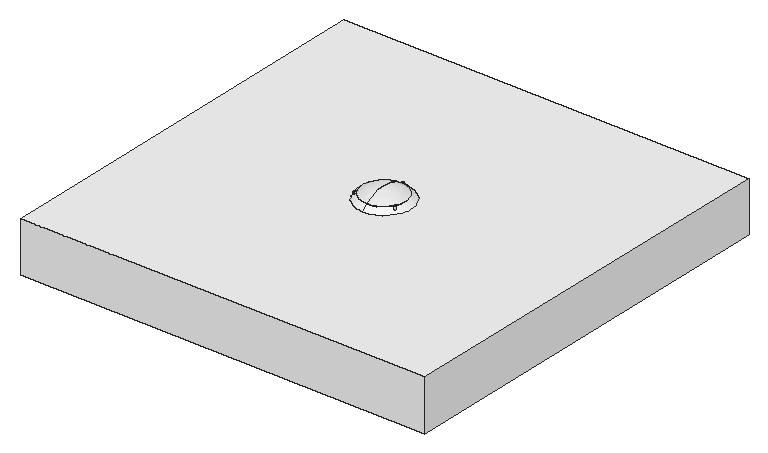
Revit family "Sarlam_Eclairage_Hublot_Chartres_Essentiel_T1_Anti_Vandale_Diam_322mm_1000Lm", category Luminaires, Revit 2020
Family settings
  Hôte = Face
  Cote de connecteur circulaire = Utiliser le diamètre
  Type d'élément = Normal
  Couper avec des vides une fois chargée = Non
  Source d'éclairage = Oui
  Partagée = Non
  Point de calcul de pièce = Non
Parameters (values of type "Détection BLANC")
  Zone plafond formes 1à7 [instance] = and(not(Diamètre externe = 328 mm), or([Antivandale Formes 2-4-7]), not([Afficher la zone de détection-pose murale]), [Afficher la zone de détection-pose plafond])  # no
  Zone murale formes 1à7 [instance] = and(not(Diamètre externe = 328 mm), or([Antivandale Formes 2-4-7]), [Afficher la zone de détection-pose murale], not([Afficher la zone de détection-pose plafond]))  # no
  Zone de détection = "Détection à 2,5m haut Plafond: Ø6m maxi Mur: Ellipse 16*17m"
  URL = "http://www.legrandoc.com/SL532143"
  Type de variation = "Non régulable"
  Type de tension = "CA"
  Tension nominale (Un) V MIN = 207
  Tension nominale (Un) V MAX = 253
  built-in parameter 1150107 = 3200 (stored number, unit not read)
  Température de couleur K MIN = 4000
  Température de couleur K MAX = 4000
  Source lumineuse = "Led non interchangeable"
  Répartition lumineuse = "Symétrique"
  Puissance du système W = 10
  Puissance de la source lumineuse W = ""
  Puissance de la lampe en Multiwatt = "Autre"
  Wattage = 9.2903 W
  built-in parameter 1150110 = 1 (stored number, unit not read)
  built-in parameter 1150109 = 1 (stored number, unit not read)
  built-in parameter 1114218 = 1 (stored number, unit not read)
  built-in parameter 1150113 = 1 (stored number, unit not read)
  built-in parameter 1150112 = 1 (stored number, unit not read)
  built-in parameter 1150137 = (empty or 0)
  built-in parameter 1150132 = (empty or 0)
  Modèle = "SL-532143"
  Longueur d'encastrement = 0 mm
  Longueur = 322 mm
  Largeur d'encastrement = 322 mm
  Largeur = 322 mm
  built-in parameter 1150105 = 109.82 (stored number, unit not read)
  built-in parameter 1150102 = (empty or 0)
  Hauteur/profondeur d'encastrement = 0 mm
  Hauteur/profondeur = 70 mm
  Dimming Lamp Color Temperature Shift = (empty or 0)
  Lumens = 1380 lm
  Color Filter = 16777215
  Fichier de distribution photométrique = "SL532100.ies"
  built-in parameter 1114217 = 1 (stored number, unit not read)
  built-in parameter 1150139 = (empty or 0)
  Fabricant = "LEGRAND"
  Emettre à partir du diamètre du cercle = 200 mm
  Emettre la visibilité des formes dans le rendu = no
  built-in parameter 1150104 = 13.8 (stored number, unit not read)
  built-in parameter 1150106 = 1.0982 (stored number, unit not read)
  built-in parameter 1150115 = 1 (stored number, unit not read)
  built-in parameter 1150114 = 1 (stored number, unit not read)
  Diamètre externe = 322 mm
  Diamètre d'encastrement = 0 mm
  Description = "CHARTRES ESSENTIEL 1000LM 4000K  AV DETECTION HF BLANC"
  built-in parameter 1150138 = (empty or 0)
  built-in parameter 1150134 = 3
  Condition Générale d'Utilisation = "https://export.legrand.com/CGU-objets-BIM"
  Angle de l'inclinaison = 0.00°
  Afficher la zone de détection-pose plafond [instance] = no
  Afficher la zone de détection-pose murale [instance] = no
  Matériau du boîtier/corps = Plastique
  Indice de rendu des couleurs CRI = "80-89"
  Indice de protection contre les chocs (IK) = "IK10"
  Indice de protection (IP) = "IP55"
  Flux lumineux utile lm = 1000
  Elévation par défaut = 2500 mm
  Douille = "Sans"
  Courant nominal mA MIN = 39
  Courant nominal mA MAX = 49
  Couleur du boîtier/corps = LEGRAND - Blanc
  Classe de protection = "II"
  Avec détecteur de mouvement = yes
  Avec détecteur crépusculaire = yes
  Appareillage = "Appareil à LED commandé en courant"
  Antivandale Formes 2-4-7 = yes
  Angle du faisceau = "Faisceau libre"
  Afficher l'étiquette de zone [instance] = no
  Adapté à une suspension = no
  Adapté à un montage encastré = no
  Adapté à un montage en saillie = yes
  Adapté à un montage en applique = yes
  Adapté à un montage au plafond = yes
  built-in parameter 1150133 = 10 (stored number, unit not read)
Types (6, lengths in mm): name | Zone de détection | URL | Puissance du système W | Modèle | Description | Courant nominal mA MIN | Courant nominal mA MAX | Couleur du boîtier/corps | Avec détecteur de mouvement | Avec détecteur crépusculaire
  ON/OFF BLANC | "" | "http://www.legrandoc.com/SL532103" | 9 | "SL-532103" | "CHARTRES ESSENTIEL 1000LM 4000K AV ON/OFF BLANC" | 35 | 44 | LEGRAND - Blanc | no | no
  ON/OFF ANTHRACITE | "" | "http://www.legrandoc.com/SL532104" | 9 | "SL-532104" | "CHARTRES ESSENTIEL 1000LM 4000K AV ON/OFF ANTHRACITE" | 35 | 44 | LEGRAND - Anthracite | no | no
  ON/OFF GRIS METAL | "" | "http://www.legrandoc.com/SL532105" | 9 | "SL-532105" | "CHARTRES ESSENTIEL 1000LM 4000K AV ON/OFF GRIS METAL" | 35 | 44 | LEGRAND - Gris métal | no | no
  Détection BLANC | "Détection à 2,5m haut Plafond: Ø6m maxi Mur: Ellipse 16*17m" | "http://www.legrandoc.com/SL532143" | 10 | "SL-532143" | "CHARTRES ESSENTIEL 1000LM 4000K  AV DETECTION HF BLANC" | 39 | 49 | LEGRAND - Blanc | yes | yes
  Détection ANTHRACITE | "Détection à 2,5m haut Plafond: Ø6m maxi Mur: Ellipse 16*17m" | "http://www.legrandoc.com/SL532144" | 10 | "SL-532144" | "CHARTRES ESSENTIEL 1000LM 4000K  AV DETECTION HF ANTHRACITE" | 39 | 49 | LEGRAND - Anthracite | yes | yes
  Détection GRIS METAL | "Détection à 2,5m haut Plafond: Ø6m maxi Mur: Ellipse 16*17m" | "http://www.legrandoc.com/SL532145" | 10 | "SL-532145" | "CHARTRES ESSENTIEL 1000LM 4000K  AV DETECTION HF GRIS METAL" | 39 | 49 | LEGRAND - Gris métal | yes | yes
Reference planes
  plane 1 "Centre (avant/arrière)": y = 0
  plane 2: z = 0
  plane 3 "Centre (gauche/droite)": x = 0
  plane 4: z = 90
Forms (mm)
  Extrusion 1, solid, material "Blanc"
    sketch origin (0, 0, 0) x (1, 0, 0) y (0, 1, 0)
      loop
        line (-1219.2, 1219.2) -> (-1219.2, -1219.2) -> (1219.2, -1219.2) -> (1219.2, 1219.2) -> (-1219.2, 1219.2)
    from 0 to -304.8
Lines and regions (mm)
  model lines, not visible
    curve 1: line (0, 0, 0) -> (0, 0, 2230)
    curve 2: line (0, 0, 0) -> (0, 3300, 0)
    curve 3: line (0, 0, 0) -> (-2620, 0, 0)
Dimensions and locks
  level to plane 4 = 90 mm
  aligned and locked: plane 2 to Extrusion 1
  aligned and locked: level to Extrusion 1
  aligned and locked: imposter light to plane 4
  aligned and locked: plane 3 "Centre (gauche/droite)" to imposter light
Nested families
  nested 1: "Zone de détection murale Chartres-Astreo" at (0, 0, 0) x (0, 0, 1) z (0, -1, 0), visible <- "Afficher la zone de détection-pose murale", type "Zone de détection murale"
  nested 2: "Formes 1-2-3-4-6-7-8-9" at (0, 0, 0), type "Formes"
    with Fl 70 mm, Dimension hublot 129.3 mm, Diamètre total 322 mm, Courbure 220.2 mm, Antivandale Formes 2-4-7 yes
  nested 3: "Zone de détection plafond Chartres-Astreo" at (0, 0, 2500), visible <- "Afficher la zone de détection-pose plafond", type "Zone de détection plafond"
    with Zone plafond Formes 8à9 no
  nested 4: "Zone de détection murale Chartres-Astreo" at (0, 0, 0) x (0, 0, 1) z (1, 0, 0), visible <- "Afficher la zone de détection-pose murale", type "Zone de détection murale"
  nested 5: "Etiquette de zone" at (-34.648, 217.228, 0) x (-1, 0, 0) z (0, 0, 1), visible <- "Afficher l'étiquette de zone", type "Etiquette de zone"
Connectors
  electrical at (0, 0, 0)
    settings: on nested 2, index 1, voltage 230 V, apparent load 0 VA, apparent load phase1 0 VA, apparent load phase2 0 VA, apparent load phase3 0 VA, power factor 1, load classification "Eclairage", number of poles 1, system type 30, power factor state 1, is connector primary yes, connector utility no, sub classification motor no, connector description ""
Definition of nested family "Formes 1-2-3-4-6-7-8-9"
  Parameters (values of type "Formes")
    Standard Forme 8 = no
    Standard Formes 1-3-6 = no
    Matériau hublot = none
    Matériau corps = none
    Fl = if(Diamètre total < 325 mm, 70 mm, if(Diamètre total = 328 mm, 107 mm, 90 mm))  # 107 mm
    Default Elevation = 0 mm
    Dimension hublot = if(Diamètre total = 300 mm, 121.1 mm, if(Diamètre total = 322 mm, 129.3 mm, if(Diamètre total = 328 mm, 148.6 mm, if(Diamètre total = 420 mm, 179.2 mm, 185.3 mm))))  # 148.6 mm
    Diamètre total = 328 mm
    Courbure = if(Diamètre total = 300 mm, 195.7 mm, if(Diamètre total = 322 mm, 220.2 mm, if(Diamètre total = 328 mm, 179.2 mm, if(Diamètre total = 420 mm, 290 mm, 307.8 mm))))  # 179.2 mm
    Couleur corps = none
    Antivandale Forme 9 = no
    Antivandale Formes 2-4-7 = no
  Reference planes
    plane 1 "Centre (avant/arrière)": y = 0
    plane 2: z = 0
    plane 3 "Centre (gauche/droite)": x = 0
    plane 4: y = 164
    plane 5: y = -164
    plane 6: y = 148.6
  Forms (mm)
    Revolve 1, solid, material <- "Matériau hublot"
      sketch origin (0, 0, 0) x (0, 0, -1) y (0, 1, 0)
        loop
          arc (-28, 148.6) -> (-86.03, 84.151) -> (-107, 0) r 179.2
          line (-107, 0) -> (-28, 0) -> (-28, 148.6)
        axis (-28, 0) -> (-107, 0)
      angle from 0 to 360
  Dimensions and locks
    equal spacing: plane 4, plane 1 "Centre (avant/arrière)", plane 5
    "Diamètre total": plane 4 to plane 5
    equal spacing: plane 5, plane 1 "Centre (avant/arrière)", plane 4
    "Dimension hublot": plane 1 "Centre (avant/arrière)" to plane 6
    "Fl": Revolve 1 sketch curve to plane 2
    "Courbure": radius of Revolve 1 sketch curve
    aligned and locked: level to plane 2
    aligned and locked: plane 6 to Revolve 1 sketch curve
    aligned and locked: plane 2 to nested 2
  Automatic sketch dimensions
    Revolve 1 sketch curve to plane 1 "Centre (avant/arrière)" = 0 mm  (x2)
    level to Revolve 1 sketch curve = 28 mm
    Revolve 1 sketch curve to Revolve 1 sketch curve = 1811.469 mm
    Revolve 1 sketch curve to Revolve 1 sketch curve = 1147.22 mm
  Nested families
    nested 1: "Corps standard Formes 1-3-6" at (0, 0, 0), visible <- "Standard Formes 1-3-6", type "Corps standard Formes 1-3-6"
      with Diamètre 328 mm
    nested 2: "Corps antivandale Formes 2-4-7" at (0, 0, 0), visible <- "Antivandale Formes 2-4-7", type "Corps antivandale Formes 2-4-7"
      with Diamètre 328 mm
    nested 3: "Corps standard Forme 8" at (0, 0, 0), visible <- "Standard Forme 8", type "Corps standard Forme 8"
    nested 4: "Corps antivandale Forme 9" at (0, 0, 0), visible <- "Antivandale Forme 9", type "Corps antivandale Forme 9"
  Definition of nested family "Corps standard Formes 1-3-6"
    Parameters (values of type "Corps standard")
      Matériau corps = none
      Default Elevation = 0 mm
      Couleur corps = none
      Diamètre = 322 mm
      Courbure = if(Diamètre < 400 mm, 195.7 mm, 290 mm)  # 195.7 mm
    Reference planes
      plane 1 "Centre (avant/arrière)": y = 0
      plane 2: z = 0
      plane 3 "Centre (gauche/droite)": x = 0
      plane 4: y = 161
      plane 5: y = -161
      plane 6: z = 28
    Forms (mm)
      Revolve 1, solid, material <- "Couleur corps"
        sketch origin (0, 0, 0) x (0, 0, -1) y (0, 1, 0)
          loop
            line (0, 0) -> (0, 161)
            arc (0, 161) -> (-14.55, 149.906) -> (-28, 137.502) r 195.7
            line (-28, 137.502) -> (-28, 0) -> (0, 0)
          axis (0, 0) -> (-28, 0)
        angle from 0 to 360
    Dimensions and locks
      equal spacing: plane 4, plane 1 "Centre (avant/arrière)", plane 5
      "Diamètre": plane 4 to plane 5
      equal spacing: plane 5, plane 1 "Centre (avant/arrière)", plane 4
      "Courbure": radius of Revolve 1 sketch curve
      aligned and locked: level to plane 2
      aligned and locked: plane 2 to Revolve 1  (x2)
      aligned and locked: Revolve 1 to plane 2
      aligned and locked: plane 6 to Revolve 1
    Automatic sketch dimensions
      Revolve 1 sketch curve to plane 1 "Centre (avant/arrière)" = 0 mm  (x3)
      Revolve 1 sketch curve to plane 6 = 0 mm
      Revolve 1 sketch curve to level = 0 mm
      Revolve 1 sketch curve to plane 4 = 0 mm
      plane 6 to Revolve 1 sketch curve = 1833.51 mm
      Revolve 1 sketch curve to Revolve 1 sketch curve = 1167.217 mm
  Definition of nested family "Corps antivandale Formes 2-4-7"
    Parameters (values of type "Corps antivandale")
      Rayon réseau vis = if(Diamètre < 400 mm, 137.2 mm, 193.2 mm)  # 137.2 mm
      Matériau corps = none
      Default Elevation = 0 mm
      Diamètre = 322 mm
      Courbure = if(Diamètre < 400 mm, 220.2 mm, 307.8 mm)  # 220.2 mm
      Couleur corps = none
    Reference planes
      plane 1 "Centre (avant/arrière)": y = 0
      plane 2: z = 0
      plane 3 "Centre (gauche/droite)": x = 0
      plane 4: y = 161
      plane 5: y = -161
      plane 6: z = 28
      plane 7: through (0, 0, 1200) normal (0.5, 0.866, 0)
      plane 8: through (0, 0, 1200) normal (0.5, -0.866, 0)
    Forms (mm)
      Revolve 1, solid, material <- "Couleur corps"
        sketch origin (0, 0, 0) x (0, 0, -1) y (0, 1, 0)
          loop
            line (0, 0) -> (0, 161)
            arc (0, 161) -> (-14.762, 145.835) -> (-28, 129.323) r 220.2
            line (-28, 129.323) -> (-28, 0) -> (0, 0)
          axis (0, 0) -> (-28, 0)
        angle from 0 to 360
      Extrusion 2, solid, material <- "Couleur corps"
        sketch origin (0, -0.04, 0) x (1, 0, 0) y (0, 1, 0)
          loop
            line (-4, 129.32) -> (-4, 137.3)
            arc (-4, 137.3) -> (0, 141.3) -> (4, 137.3) r 4
            line (4, 137.3) -> (4, 129.32)
            arc (4, 129.32) -> (5, 129.285) -> (6, 129.243) r 129.323
            line (6, 129.243) -> (6, 137.3)
            arc (6, 137.3) -> (0, 143.3) -> (-6, 137.3) r 6
            line (-6, 137.3) -> (-6, 129.243)
            arc (-6, 129.243) -> (-5, 129.285) -> (-4, 129.32) r 129.323
        from 15.189 to 28
      Extrusion 3, solid, material <- "Couleur corps"
        sketch origin (-0.035, 0.02, 0) x (-0.5, -0.866025, 0) y (0.866025, -0.5, 0)
          loop
            line (-4, 129.32) -> (-4, 137.3)
            arc (-4, 137.3) -> (0, 141.3) -> (4, 137.3) r 4
            line (4, 137.3) -> (4, 129.32)
            arc (4, 129.32) -> (5, 129.285) -> (6, 129.243) r 129.323
            line (6, 129.243) -> (6, 137.3)
            arc (6, 137.3) -> (0, 143.3) -> (-6, 137.3) r 6
            line (-6, 137.3) -> (-6, 129.243)
            arc (-6, 129.243) -> (-5, 129.285) -> (-4, 129.32) r 129.323
        from 15.189 to 28
      Extrusion 4, solid, material <- "Couleur corps"
        sketch origin (0.035, 0.02, 0) x (-0.5, 0.866025, 0) y (-0.866025, -0.5, 0)
          loop
            line (-4, 129.32) -> (-4, 137.3)
            arc (-4, 137.3) -> (0, 141.3) -> (4, 137.3) r 4
            line (4, 137.3) -> (4, 129.32)
            arc (4, 129.32) -> (5, 129.285) -> (6, 129.243) r 129.323
            line (6, 129.243) -> (6, 137.3)
            arc (6, 137.3) -> (0, 143.3) -> (-6, 137.3) r 6
            line (-6, 137.3) -> (-6, 129.243)
            arc (-6, 129.243) -> (-5, 129.285) -> (-4, 129.32) r 129.323
        from 15.189 to 28
      Revolve 5, solid
        sketch origin (0, 0.018, -12.656) x (0, 1, 0) y (0, 0, 1)
          loop
            line (136.525, 38.942) -> (136.525, 29.094) -> (136.962, 29.907) -> (137.751, 35.518) -> (140.148, 38.942) -> (136.525, 38.942)
          axis (136.525, 29.094) -> (136.525, 38.942)
        angle from 0 to 360
      Revolve 6, solid
        sketch origin (0.016, -0.009, -12.656) x (0.866025, -0.5, 0) y (0, 0, 1)
          loop
            line (136.525, 38.942) -> (136.525, 29.094) -> (136.962, 29.907) -> (137.751, 35.518) -> (140.148, 38.942) -> (136.525, 38.942)
          axis (136.525, 29.094) -> (136.525, 38.942)
        angle from 0 to 360
      Revolve 7, solid
        sketch origin (-0.016, -0.009, -12.656) x (-0.866025, -0.5, 0) y (0, 0, 1)
          loop
            line (136.525, 38.942) -> (136.525, 29.094) -> (136.962, 29.907) -> (137.751, 35.518) -> (140.148, 38.942) -> (136.525, 38.942)
          axis (136.525, 29.094) -> (136.525, 38.942)
        angle from 0 to 360
    Cuts and joins
      joined: Revolve 1, Extrusion 2
    Lines and regions (mm)
      model lines
        curve 1: line (-2.5, 136.543, 26.285) -> (2.5, 136.543, 26.285)
        curve 2: line (0, 138.995, 26.285) -> (0, 133.995, 26.285)
        curve 3: line (119.5, -66.107, 26.285) -> (117, -70.437, 26.285)
        curve 4: line (120.373, -69.497, 26.285) -> (116.043, -66.997, 26.285)
        curve 5: line (-117, -70.437, 26.285) -> (-119.5, -66.107, 26.285)
        curve 6: line (-120.373, -69.497, 26.285) -> (-116.043, -66.997, 26.285)
    Dimensions and locks
      equal spacing: plane 4, plane 1 "Centre (avant/arrière)", plane 5
      "Diamètre": plane 4 to plane 5
      equal spacing: plane 5, plane 1 "Centre (avant/arrière)", plane 4
      "Courbure": radius of Revolve 1 sketch curve
      "Rayon réseau vis": radius of radial array
      aligned and locked: level to plane 2
      aligned and locked: plane 2 to Revolve 1  (x2)
      aligned and locked: Revolve 1 to plane 2
      aligned and locked: plane 6 to Revolve 1
    Automatic sketch dimensions
      Extrusion 2 sketch curve to Extrusion 2 sketch curve = 0 mm  (x9)
      Extrusion 2 sketch curve to Extrusion 2 sketch curve = 7.98 mm
      Extrusion 2 sketch curve to Extrusion 2 sketch curve = 0.077 mm
      Extrusion 2 sketch curve to Extrusion 2 sketch curve = 2 mm
      Extrusion 2 sketch curve to Extrusion 2 sketch curve = 4 mm
      Extrusion 2 sketch curve to Extrusion 2 sketch curve = 6 mm
      Extrusion 3 sketch curve to Extrusion 3 sketch curve = 0 mm  (x9)
      Extrusion 3 sketch curve to Extrusion 3 sketch curve = 7.98 mm
      Extrusion 3 sketch curve to Extrusion 3 sketch curve = 0.077 mm
      Extrusion 3 sketch curve to Extrusion 3 sketch curve = 2 mm
      Extrusion 3 sketch curve to Extrusion 3 sketch curve = 4 mm
      Extrusion 3 sketch curve to Extrusion 3 sketch curve = 6 mm
      Extrusion 4 sketch curve to Extrusion 4 sketch curve = 0 mm  (x9)
      Extrusion 4 sketch curve to Extrusion 4 sketch curve = 7.98 mm
      Extrusion 4 sketch curve to Extrusion 4 sketch curve = 0.077 mm
      Extrusion 4 sketch curve to Extrusion 4 sketch curve = 2 mm
      Extrusion 4 sketch curve to Extrusion 4 sketch curve = 4 mm
      Extrusion 4 sketch curve to Extrusion 4 sketch curve = 6 mm
      Revolve 7 sketch curve to Revolve 7 sketch curve = 0.437 mm  (x2)
      Revolve 7 sketch curve to Revolve 7 sketch curve = 1.226 mm  (x2)
      Revolve 7 sketch curve to Revolve 7 sketch curve = 2.397 mm
      Revolve 7 sketch curve to Revolve 7 sketch curve = 0.813 mm  (x2)
      Revolve 7 sketch curve to Revolve 7 sketch curve = 5.611 mm  (x2)
      Revolve 7 sketch curve to Revolve 7 sketch curve = 3.424 mm  (x2)
      Revolve 7 sketch curve to Revolve 7 sketch curve = 0 mm  (x2)
      Revolve 7 sketch curve to Revolve 7 sketch curve = 0.975 mm
      Revolve 7 sketch curve to Revolve 7 sketch curve = 3.281 mm  (x2)
      Revolve 5 sketch curve to Revolve 5 sketch curve = 0.437 mm  (x2)
      Revolve 5 sketch curve to Revolve 5 sketch curve = 1.226 mm  (x2)
      Revolve 5 sketch curve to Revolve 5 sketch curve = 3.623 mm
      Revolve 5 sketch curve to Revolve 5 sketch curve = 5.611 mm  (x2)
      Revolve 5 sketch curve to Revolve 5 sketch curve = 3.424 mm  (x2)
      Revolve 5 sketch curve to Revolve 5 sketch curve = 0 mm  (x2)
      Revolve 5 sketch curve to Revolve 5 sketch curve = 0.813 mm  (x2)
      Revolve 5 sketch curve to Revolve 5 sketch curve = 0.162 mm
      Revolve 5 sketch curve to Revolve 5 sketch curve = 3.281 mm  (x2)
      Revolve 6 sketch curve to Revolve 6 sketch curve = 0.437 mm  (x2)
      Revolve 6 sketch curve to Revolve 6 sketch curve = 1.226 mm  (x2)
      Revolve 6 sketch curve to Revolve 6 sketch curve = 3.623 mm
      Revolve 6 sketch curve to Revolve 6 sketch curve = 5.611 mm  (x2)
      Revolve 6 sketch curve to Revolve 6 sketch curve = 3.424 mm  (x2)
      Revolve 6 sketch curve to Revolve 6 sketch curve = 0 mm  (x2)
      Revolve 6 sketch curve to Revolve 6 sketch curve = 0.813 mm  (x2)
      Revolve 6 sketch curve to Revolve 6 sketch curve = 0.162 mm
      Revolve 6 sketch curve to Revolve 6 sketch curve = 3.281 mm  (x2)
      Revolve 7 sketch curve to Revolve 7 sketch curve = 3.623 mm
      Revolve 7 sketch curve to Revolve 7 sketch curve = 0.162 mm
      curve 2 to Revolve 5 = 0 mm
      curve 2 to curve 1 = 2.548 mm
      curve 1 to curve 2 = 2.452 mm
      Revolve 5 to curve 1 = 2.5 mm
      curve 1 to Revolve 5 = 2.5 mm
      curve 4 to Revolve 6 = 0 mm
      curve 4 to curve 3 = 2.548 mm
      curve 3 to curve 4 = 2.452 mm
      Revolve 6 to curve 3 = 2.5 mm
      curve 3 to Revolve 6 = 2.5 mm
      curve 6 to Revolve 7 = 0 mm
      curve 6 to curve 5 = 2.548 mm
      curve 5 to curve 6 = 2.452 mm
      Revolve 7 to curve 5 = 2.5 mm
      curve 5 to Revolve 7 = 2.5 mm
      Revolve 5 sketch curve to Revolve 5 sketch curve = 2.397 mm
      Revolve 5 sketch curve to Revolve 5 sketch curve = 0.975 mm
      Revolve 6 sketch curve to Revolve 6 sketch curve = 2.397 mm
      Revolve 6 sketch curve to Revolve 6 sketch curve = 0.975 mm
      Revolve 1 sketch curve to plane 1 "Centre (avant/arrière)" = 0 mm  (x3)
      Revolve 1 sketch curve to plane 6 = 0 mm
      Revolve 1 sketch curve to level = 0 mm
      Revolve 1 sketch curve to plane 4 = 0 mm
      plane 6 to Revolve 1 sketch curve = 1833.51 mm
      Revolve 1 sketch curve to Revolve 1 sketch curve = 1128.321 mm
  Definition of nested family "Corps standard Forme 8"
    Parameters (values of type "Corps standard Forme 8")
      Matériau corps = none
      Default Elevation = 0 mm
      Couleur corps = none
      Diamètre = 328 mm
    Reference planes
      plane 1 "Centre (avant/arrière)": y = 0
      plane 2: z = 0
      plane 3 "Centre (gauche/droite)": x = 0
      plane 4: y = 164
      plane 5: y = -164
      plane 6: z = 28
      plane 7: y = 7.5
      plane 8: y = -7.5
    Forms (mm)
      Revolve 1, solid, material <- "Couleur corps"
        sketch origin (0, 0, 0) x (0, 0, -1) y (0, 1, 0)
          loop
            line (0, 0) -> (0, 164)
            arc (0, 164) -> (-14.345, 156.905) -> (-28, 148.559) r 179.182
            line (-28, 148.559) -> (-28, 0) -> (0, 0)
          axis (0, 0) -> (-28, 0)
        angle from 0 to 360
      Sweep 2, void
        path origin (0, 0, 0) x (1, 0, 0) y (0, 1, 0)
          loop
            arc (153.049, 7.5) -> (0, 153.232) -> (-153.049, 7.5) r 153.232
        profile origin (0, 153.232, 0) x (0, -1, 0) y (0, 0, 1)
          loop
            line (-5.469, 6.213) -> (-10.469, 16.465) -> (-10.469, 6.213) -> (-5.469, 6.213)
      Sweep 3, void
        path origin (0, 0, 0) x (1, 0, 0) y (0, 1, 0)
          loop
            arc (153.049, 7.5) -> (0, 153.232) -> (-153.049, 7.5) r 153.232
        profile origin (0, 153.232, 0) x (0, -1, 0) y (0, 0, 1)
          loop
            line (-1.643, 13.471) -> (-6.643, 23.723) -> (-6.643, 13.471) -> (-1.643, 13.471)
      Sweep 4, void
        path origin (0, 0, 0) x (1, 0, 0) y (0, -1, 0)
          loop
            arc (153.049, 7.5) -> (0, 153.232) -> (-153.049, 7.5) r 153.232
        profile origin (0, -153.232, 0) x (0, -1, 0) y (0, 0, 1)
          loop
            line (1.643, 13.471) -> (6.643, 13.471) -> (6.643, 23.723) -> (1.643, 13.471)
      Sweep 5, void
        path origin (0, 0, 0) x (1, 0, 0) y (0, -1, 0)
          loop
            arc (153.049, 7.5) -> (0, 153.232) -> (-153.049, 7.5) r 153.232
        profile origin (0, -153.232, 0) x (0, -1, 0) y (0, 0, 1)
          loop
            line (5.469, 6.213) -> (10.469, 6.213) -> (10.469, 16.465) -> (5.469, 6.213)
    Cuts and joins
      Sweep 2, Sweep 3, Sweep 4, Sweep 5 cuts Revolve 1
    Dimensions and locks
      equal spacing: plane 4, plane 1 "Centre (avant/arrière)", plane 5
      "Diamètre": plane 4 to plane 5
      equal spacing: plane 5, plane 1 "Centre (avant/arrière)", plane 4
      aligned and locked: level to plane 2
      aligned and locked: plane 2 to Revolve 1  (x2)
      aligned and locked: Revolve 1 to plane 2
      aligned and locked: plane 6 to Revolve 1
    Automatic sketch dimensions
      Sweep 2 sketch curve to plane 7 = 0 mm  (x2)
      plane 1 "Centre (avant/arrière)" to Sweep 2 sketch curve = 0 mm
      Sweep 2 sketch curve to plane 3 "Centre (gauche/droite)" = 0 mm
      Sweep 2 sketch curve to plane 3 "Centre (gauche/droite)" = 153.049 mm
      Sweep 3 sketch curve to plane 7 = 0 mm  (x2)
      plane 1 "Centre (avant/arrière)" to Sweep 3 sketch curve = 0 mm
      Sweep 3 sketch curve to plane 3 "Centre (gauche/droite)" = 0 mm
      Sweep 3 sketch curve to plane 3 "Centre (gauche/droite)" = 153.049 mm
      Sweep 4 sketch curve to plane 8 = 0 mm  (x2)
      plane 1 "Centre (avant/arrière)" to Sweep 4 sketch curve = 0 mm
      Sweep 4 sketch curve to plane 3 "Centre (gauche/droite)" = 0 mm
      plane 3 "Centre (gauche/droite)" to Sweep 4 sketch curve = 153.049 mm
      Sweep 5 sketch curve to plane 8 = 0 mm  (x2)
      plane 1 "Centre (avant/arrière)" to Sweep 5 sketch curve = 0 mm
      Sweep 5 sketch curve to plane 3 "Centre (gauche/droite)" = 0 mm
      plane 3 "Centre (gauche/droite)" to Sweep 5 sketch curve = 153.049 mm
      Revolve 1 sketch curve to plane 1 "Centre (avant/arrière)" = 0 mm  (x3)
      Revolve 1 sketch curve to plane 6 = 0 mm
      Revolve 1 sketch curve to level = 0 mm
      Revolve 1 sketch curve to plane 4 = 0 mm
      Revolve 1 sketch curve to Revolve 1 sketch curve = 72.182 mm
      plane 6 to Revolve 1 sketch curve = 1833.51 mm
      Revolve 1 sketch curve to Revolve 1 sketch curve = 1201.817 mm
      profile plane to Sweep 2 sketch curve = 10.469 mm
      Sweep 2 sketch curve to Sweep 2 sketch curve = 5 mm
      level to Sweep 2 sketch curve = 6.213 mm
      Sweep 2 sketch curve to Sweep 2 sketch curve = 10.252 mm
      profile plane to Sweep 3 sketch curve = 6.643 mm
      profile plane to Sweep 3 sketch curve = 1.643 mm
      level to Sweep 3 sketch curve = 13.471 mm
      Sweep 3 sketch curve to Sweep 3 sketch curve = 10.252 mm
      Sweep 4 sketch curve to profile plane = 1.643 mm
      Sweep 4 sketch curve to profile plane = 6.643 mm
      level to Sweep 4 sketch curve = 13.471 mm
      Sweep 4 sketch curve to Sweep 4 sketch curve = 10.252 mm
      Sweep 5 sketch curve to profile plane = 5.469 mm
      Sweep 5 sketch curve to profile plane = 10.469 mm
      level to Sweep 5 sketch curve = 6.213 mm
      Sweep 5 sketch curve to Sweep 5 sketch curve = 10.252 mm
  Definition of nested family "Corps antivandale Forme 9"
    Parameters (values of type "Corps antivandale Forme 9")
      Matériau corps = none
      Default Elevation = 0 mm
      Couleur corps = none
      Diamètre = 328 mm
    Reference planes
      plane 1 "Centre (avant/arrière)": y = 0
      plane 2: z = 0
      plane 3 "Centre (gauche/droite)": x = 0
      plane 4: y = 164
      plane 5: y = -164
      plane 6: z = 28
      plane 7: y = 7.5
      plane 8: y = -7.5
    Forms (mm)
      Revolve 1, solid, material <- "Couleur corps"
        sketch origin (0, 0, 0) x (0, 0, -1) y (0, 1, 0)
          loop
            line (0, 0) -> (0, 164)
            arc (0, 164) -> (-14.345, 156.905) -> (-28, 148.559) r 179.182
            line (-28, 148.559) -> (-28, 0) -> (0, 0)
          axis (0, 0) -> (-28, 0)
        angle from 0 to 360
      Extrusion 2, void
        sketch origin (-1.406, 0, 0) x (1, 0, 0) y (0, 1, 0)
          loop
            circle (157.486, 0) r 5
        from 5.665 to 28
      Sweep 3, void
        path origin (0, 0, 0) x (1, 0, 0) y (0, 1, 0)
          loop
            arc (153.049, 7.5) -> (0, 153.232) -> (-153.049, 7.5) r 153.232
        profile origin (0, 153.232, 0) x (0, -1, 0) y (0, 0, 1)
          loop
            line (-5.469, 6.213) -> (-10.469, 16.465) -> (-10.469, 6.213) -> (-5.469, 6.213)
      Extrusion 4, void
        sketch origin (1.406, 0, 0) x (-1, 0, 0) y (0, -1, 0)
          loop
            circle (157.486, 0) r 5
        from 5.665 to 28
      Sweep 5, void
        path origin (0, 0, 0) x (1, 0, 0) y (0, 1, 0)
          loop
            arc (153.049, 7.5) -> (0, 153.232) -> (-153.049, 7.5) r 153.232
        profile origin (0, 153.232, 0) x (0, -1, 0) y (0, 0, 1)
          loop
            line (-1.643, 13.471) -> (-6.643, 23.723) -> (-6.643, 13.471) -> (-1.643, 13.471)
      Sweep 6, void
        path origin (0, 0, 0) x (1, 0, 0) y (0, -1, 0)
          loop
            arc (153.049, 7.5) -> (0, 153.232) -> (-153.049, 7.5) r 153.232
        profile origin (0, -153.232, 0) x (0, -1, 0) y (0, 0, 1)
          loop
            line (1.643, 13.471) -> (6.643, 13.471) -> (6.643, 23.723) -> (1.643, 13.471)
      Sweep 7, void
        path origin (0, 0, 0) x (1, 0, 0) y (0, -1, 0)
          loop
            arc (153.049, 7.5) -> (0, 153.232) -> (-153.049, 7.5) r 153.232
        profile origin (0, -153.232, 0) x (0, -1, 0) y (0, 0, 1)
          loop
            line (5.469, 6.213) -> (10.469, 6.213) -> (10.469, 16.465) -> (5.469, 6.213)
      Revolve 8, solid
        sketch origin (-156.149, -136.533, -30.469) x (0, 1, 0) y (0, 0, 1)
          loop
            line (136.525, 38.942) -> (136.525, 31.651) -> (137.319, 32.445) -> (137.923, 36.741) -> (139.106, 38.942) -> (136.525, 38.942)
          axis (136.525, 31.651) -> (136.525, 38.942)
        angle from 0 to 360
      Revolve 9, solid
        sketch origin (156.149, -136.533, -30.469) x (0, 1, 0) y (0, 0, -1)
          loop
            line (136.525, -38.942) -> (139.106, -38.942) -> (137.923, -36.741) -> (137.319, -32.445) -> (136.525, -31.651) -> (136.525, -38.942)
          axis (136.525, -31.651) -> (136.525, -38.942)
        angle from 0 to 360
    Cuts and joins
      Extrusion 2, Sweep 3, Extrusion 4, Sweep 5, Sweep 6, Sweep 7 cuts Revolve 1
    Lines and regions (mm)
      model lines
        curve 1: line (-156.149, 1.39, 8.473) -> (-156.149, -1.406, 8.473)
        curve 2: line (-157.503, 0, 8.473) -> (-154.615, 0, 8.473)
        curve 3: line (156.149, 1.39, 8.473) -> (156.149, -1.406, 8.473)
        curve 4: line (157.503, 0, 8.473) -> (154.615, 0, 8.473)
    Dimensions and locks
      equal spacing: plane 4, plane 1 "Centre (avant/arrière)", plane 5
      "Diamètre": plane 4 to plane 5
      equal spacing: plane 5, plane 1 "Centre (avant/arrière)", plane 4
      aligned and locked: level to plane 2
      aligned and locked: plane 2 to Revolve 1  (x2)
      aligned and locked: Revolve 1 to plane 2
      aligned and locked: plane 6 to Revolve 1
    Automatic sketch dimensions
      plane 1 "Centre (avant/arrière)" to Extrusion 2 sketch curve = 0 mm
      plane 3 "Centre (gauche/droite)" to Extrusion 2 sketch curve = 156.08 mm
      Sweep 3 sketch curve to plane 7 = 0 mm  (x2)
      plane 1 "Centre (avant/arrière)" to Sweep 3 sketch curve = 0 mm
      Sweep 3 sketch curve to plane 3 "Centre (gauche/droite)" = 0 mm
      Sweep 3 sketch curve to plane 3 "Centre (gauche/droite)" = 153.049 mm
      plane 1 "Centre (avant/arrière)" to Extrusion 4 sketch curve = 0 mm
      plane 3 "Centre (gauche/droite)" to Extrusion 4 sketch curve = 156.08 mm
      Sweep 5 sketch curve to plane 7 = 0 mm  (x2)
      plane 1 "Centre (avant/arrière)" to Sweep 5 sketch curve = 0 mm
      Sweep 5 sketch curve to plane 3 "Centre (gauche/droite)" = 0 mm
      Sweep 5 sketch curve to plane 3 "Centre (gauche/droite)" = 153.049 mm
      Sweep 6 sketch curve to plane 8 = 0 mm  (x2)
      plane 1 "Centre (avant/arrière)" to Sweep 6 sketch curve = 0 mm
      Sweep 6 sketch curve to plane 3 "Centre (gauche/droite)" = 0 mm
      plane 3 "Centre (gauche/droite)" to Sweep 6 sketch curve = 153.049 mm
      Sweep 7 sketch curve to plane 8 = 0 mm  (x2)
      plane 1 "Centre (avant/arrière)" to Sweep 7 sketch curve = 0 mm
      Sweep 7 sketch curve to plane 3 "Centre (gauche/droite)" = 0 mm
      plane 3 "Centre (gauche/droite)" to Sweep 7 sketch curve = 153.049 mm
      Revolve 1 sketch curve to plane 1 "Centre (avant/arrière)" = 0 mm  (x3)
      Revolve 1 sketch curve to plane 6 = 0 mm
      Revolve 1 sketch curve to level = 0 mm
      Revolve 1 sketch curve to plane 4 = 0 mm
      Revolve 1 sketch curve to Revolve 1 sketch curve = 72.182 mm
      plane 6 to Revolve 1 sketch curve = 1833.51 mm
      Revolve 1 sketch curve to Revolve 1 sketch curve = 1201.817 mm
      profile plane to Sweep 3 sketch curve = 10.469 mm
      Sweep 3 sketch curve to Sweep 3 sketch curve = 5 mm
      level to Sweep 3 sketch curve = 6.213 mm
      Sweep 3 sketch curve to Sweep 3 sketch curve = 10.252 mm
      profile plane to Sweep 5 sketch curve = 6.643 mm
      profile plane to Sweep 5 sketch curve = 1.643 mm
      level to Sweep 5 sketch curve = 13.471 mm
      Sweep 5 sketch curve to Sweep 5 sketch curve = 10.252 mm
      Sweep 6 sketch curve to profile plane = 1.643 mm
      Sweep 6 sketch curve to profile plane = 6.643 mm
      level to Sweep 6 sketch curve = 13.471 mm
      Sweep 6 sketch curve to Sweep 6 sketch curve = 10.252 mm
      Sweep 7 sketch curve to profile plane = 5.469 mm
      Sweep 7 sketch curve to profile plane = 10.469 mm
      level to Sweep 7 sketch curve = 6.213 mm
      Sweep 7 sketch curve to Sweep 7 sketch curve = 10.252 mm
      plane 1 "Centre (avant/arrière)" to Revolve 8 sketch curve = 0.008 mm  (x2)
      Revolve 8 sketch curve to plane 1 "Centre (avant/arrière)" = 0.786 mm
      Revolve 8 sketch curve to plane 1 "Centre (avant/arrière)" = 1.39 mm
      Revolve 8 sketch curve to Revolve 8 sketch curve = 1.183 mm
      level to Revolve 8 sketch curve = 1.183 mm
      Revolve 8 sketch curve to Revolve 8 sketch curve = 0.794 mm
      Revolve 8 sketch curve to Revolve 8 sketch curve = 4.296 mm
      Revolve 8 sketch curve to Revolve 8 sketch curve = 2.201 mm
      Revolve 8 sketch curve to level = 0.4 mm
      Revolve 8 sketch curve to Revolve 8 sketch curve = 3.281 mm
      plane 1 "Centre (avant/arrière)" to Revolve 9 sketch curve = 0.008 mm  (x2)
      Revolve 9 sketch curve to plane 1 "Centre (avant/arrière)" = 0.786 mm
      Revolve 9 sketch curve to plane 1 "Centre (avant/arrière)" = 1.39 mm
      Revolve 9 sketch curve to Revolve 9 sketch curve = 1.183 mm
      level to Revolve 9 sketch curve = 8.473 mm
      Revolve 9 sketch curve to Revolve 9 sketch curve = 2.201 mm
      level to Revolve 9 sketch curve = 1.977 mm
      Revolve 9 sketch curve to Revolve 9 sketch curve = 0.794 mm
      Revolve 9 sketch curve to Revolve 9 sketch curve = 3.281 mm
      Revolve 9 sketch curve to level = 0.4 mm
      curve 1 to Revolve 8 = 0 mm
      curve 1 to curve 3 = 0 mm
      curve 1 to curve 2 = 1.406 mm
      curve 3 to curve 4 = 1.406 mm
      curve 4 to curve 3 = 1.39 mm
      curve 2 to curve 1 = 1.39 mm
      Revolve 8 to curve 2 = 1.534 mm
      curve 4 to curve 2 = 309.23 mm
      curve 3 to curve 4 = 1.534 mm
      curve 4 to curve 3 = 1.354 mm
      curve 2 to Revolve 8 = 1.354 mm
      radius of Extrusion 2 sketch curve = 5 mm
      radius of Extrusion 4 sketch curve = 5 mm
Definition of nested family "Zone de détection murale Chartres-Astreo"
  Parameters (values of type "Zone de détection murale")
    Zone murale Formes 8à9 = no
    Zone murale Formes 1à7 = no
  Reference planes
    plane 1 "Centre (avant/arrière)": y = 0
    plane 2: z = 0
    plane 3 "Centre (gauche/droite)": x = 0
    plane 4: x = 3500
    plane 5: y = 1000
    plane 6: x = 10000
    plane 7: y = 3500
    plane 8: x = 13000
    plane 9: y = 4000
    plane 10: x = 17000
    plane 11: y = 8000
    plane 12: x = 6000
    plane 13: x = 8000
  Lines and regions (mm)
    detail lines, in view "Niveau de réf.", visible <- "Zone murale Formes 1à7"
      curve 1: spline (0, 0, 0) -> (59.63, 258.819, 0) -> (234.456, 500, 0) -> (512.563, 707.107, 0) -> (875, 866.025, 0) -> (1297.067, 965.926, 0) -> (1750, 1000, 0) -> (2202.933, 965.926, 0) -> (2625, 866.025, 0) -> (2987.437, 707.107, 0) -> (3265.544, 500, 0) -> (3440.37, 258.819, 0) -> (3500, 0, 0) -> (3440.37, -258.819, 0) -> (3265.544, -500, 0) -> (2987.437, -707.107, 0) -> (2625, -866.025, 0) -> (2202.933, -965.926, 0) -> (1750, -1000, 0) -> (1297.067, -965.926, 0) -> (875, -866.025, 0) -> (512.563, -707.107, 0) -> (234.456, -500, 0) -> (59.63, -258.819, 0) -> (0, 0, 0)
      curve 2: spline (0, 0, 0) -> (170.371, 905.867, 0) -> (669.873, 1750, 0) -> (1464.466, 2474.874, 0) -> (2500, 3031.089, 0) -> (3705.905, 3380.74, 0) -> (5000, 3500, 0) -> (6294.095, 3380.74, 0) -> (7500, 3031.089, 0) -> (8535.534, 2474.874, 0) -> (9330.127, 1750, 0) -> (9829.629, 905.867, 0) -> (10000, 0, 0) -> (9829.629, -905.867, 0) -> (9330.127, -1750, 0) -> (8535.534, -2474.874, 0) -> (7500, -3031.089, 0) -> (6294.095, -3380.74, 0) -> (5000, -3500, 0) -> (3705.905, -3380.74, 0) -> (2500, -3031.089, 0) -> (1464.466, -2474.874, 0) -> (669.873, -1750, 0) -> (170.371, -905.867, 0) -> (0, 0, 0)
      curve 3: spline (0, 0, 0) -> (221.482, 1035.276, 0) -> (870.835, 2000, 0) -> (1903.806, 2828.427, 0) -> (3250, 3464.102, 0) -> (4817.676, 3863.703, 0) -> (6500, 4000, 0) -> (8182.324, 3863.703, 0) -> (9750, 3464.102, 0) -> (11096.194, 2828.427, 0) -> (12129.165, 2000, 0) -> (12778.518, 1035.276, 0) -> (13000, 0, 0) -> (12778.518, -1035.276, 0) -> (12129.165, -2000, 0) -> (11096.194, -2828.427, 0) -> (9750, -3464.102, 0) -> (8182.324, -3863.703, 0) -> (6500, -4000, 0) -> (4817.676, -3863.703, 0) -> (3250, -3464.102, 0) -> (1903.806, -2828.427, 0) -> (870.835, -2000, 0) -> (221.482, -1035.276, 0) -> (0, 0, 0)
      curve 4: spline (0, 0, 0) -> (289.63, 2070.552, 0) -> (1138.784, 4000, 0) -> (2489.592, 5656.854, 0) -> (4250, 6928.203, 0) -> (6300.038, 7727.407, 0) -> (8500, 8000, 0) -> (10699.962, 7727.407, 0) -> (12750, 6928.203, 0) -> (14510.408, 5656.854, 0) -> (15861.216, 4000, 0) -> (16710.37, 2070.552, 0) -> (17000, 0, 0) -> (16710.37, -2070.552, 0) -> (15861.216, -4000, 0) -> (14510.408, -5656.854, 0) -> (12750, -6928.203, 0) -> (10699.962, -7727.407, 0) -> (8500, -8000, 0) -> (6300.038, -7727.407, 0) -> (4250, -6928.203, 0) -> (2489.592, -5656.854, 0) -> (1138.784, -4000, 0) -> (289.63, -2070.552, 0) -> (0, 0, 0)
    detail lines, in view "Niveau de réf.", visible <- "Zone murale Formes 8à9"
      curve 5: spline (0, 0, 0) -> (102.223, 258.819, 0) -> (401.924, 500, 0) -> (878.68, 707.107, 0) -> (1500, 866.025, 0) -> (2223.543, 965.926, 0) -> (3000, 1000, 0) -> (3776.457, 965.926, 0) -> (4500, 866.025, 0) -> (5121.32, 707.107, 0) -> (5598.076, 500, 0) -> (5897.777, 258.819, 0) -> (6000, 0, 0) -> (5897.777, -258.819, 0) -> (5598.076, -500, 0) -> (5121.32, -707.107, 0) -> (4500, -866.025, 0) -> (3776.457, -965.926, 0) -> (3000, -1000, 0) -> (2223.543, -965.926, 0) -> (1500, -866.025, 0) -> (878.68, -707.107, 0) -> (401.924, -500, 0) -> (102.223, -258.819, 0) -> (0, 0, 0)
      curve 6: spline (0, 0, 0) -> (136.297, 647.048, 0) -> (535.898, 1250, 0) -> (1171.573, 1767.767, 0) -> (2000, 2165.064, 0) -> (2964.724, 2414.815, 0) -> (4000, 2500, 0) -> (5035.276, 2414.815, 0) -> (6000, 2165.064, 0) -> (6828.427, 1767.767, 0) -> (7464.102, 1250, 0) -> (7863.703, 647.048, 0) -> (8000, 0, 0) -> (7863.703, -647.048, 0) -> (7464.102, -1250, 0) -> (6828.427, -1767.767, 0) -> (6000, -2165.064, 0) -> (5035.276, -2414.815, 0) -> (4000, -2500, 0) -> (2964.724, -2414.815, 0) -> (2000, -2165.064, 0) -> (1171.573, -1767.767, 0) -> (535.898, -1250, 0) -> (136.297, -647.048, 0) -> (0, 0, 0)
      curve 7: spline (0, 0, 0) -> (170.371, 1035.276, 0) -> (669.873, 2000, 0) -> (1464.466, 2828.427, 0) -> (2500, 3464.102, 0) -> (3705.905, 3863.703, 0) -> (5000, 4000, 0) -> (6294.095, 3863.703, 0) -> (7500, 3464.102, 0) -> (8535.534, 2828.427, 0) -> (9330.127, 2000, 0) -> (9829.629, 1035.276, 0) -> (10000, 0, 0) -> (9829.629, -1035.276, 0) -> (9330.127, -2000, 0) -> (8535.534, -2828.427, 0) -> (7500, -3464.102, 0) -> (6294.095, -3863.703, 0) -> (5000, -4000, 0) -> (3705.905, -3863.703, 0) -> (2500, -3464.102, 0) -> (1464.466, -2828.427, 0) -> (669.873, -2000, 0) -> (170.371, -1035.276, 0) -> (0, 0, 0)
  Dimensions and locks
    plane 3 "Centre (gauche/droite)" to plane 4 = 3500 mm
    plane 1 "Centre (avant/arrière)" to plane 5 = 1000 mm
    plane 3 "Centre (gauche/droite)" to plane 6 = 10000 mm
    plane 7 to plane 1 "Centre (avant/arrière)" = 3500 mm
    plane 3 "Centre (gauche/droite)" to plane 8 = 13000 mm
    plane 1 "Centre (avant/arrière)" to plane 9 = 4000 mm
    plane 3 "Centre (gauche/droite)" to plane 10 = 17000 mm
    plane 1 "Centre (avant/arrière)" to plane 11 = 8000 mm
    plane 3 "Centre (gauche/droite)" to plane 12 = 6000 mm
    plane 3 "Centre (gauche/droite)" to plane 13 = 8000 mm
Definition of nested family "Zone de détection plafond Chartres-Astreo"
  Parameters (values of type "Zone de détection plafond")
    Zone plafond Formes 8à9 = yes
    Zone plafond Formes 1à7 = no
  Reference planes
    plane 1 "Centre (avant/arrière)": y = 0
    plane 2: z = 0
    plane 3 "Centre (gauche/droite)": x = 0
  Lines and regions (mm)
    detail lines, in view "Niveau de réf.", visible <- "Zone plafond Formes 1à7"
      curve 1: circle (0, 0, 0) r 500 normal (0, 0, 1)
      curve 2: circle (0, 0, 0) r 1000 normal (0, 0, 1)
      curve 3: circle (0, 0, 0) r 2000 normal (0, 0, 1)
      curve 4: circle (0, 0, 0) r 3000 normal (0, 0, 1)
    detail lines, in view "Niveau de réf.", visible <- "Zone plafond Formes 8à9"
      curve 5: circle (0, 0, 0) r 1500 normal (0, 0, 1)
      curve 6: circle (0, 0, 0) r 4000 normal (0, 0, 1)
      curve 7: circle (0, 0, 0) r 6000 normal (0, 0, 1)
Definition of nested family "Etiquette de zone"
  Parameters (values of type "Etiquette de zone")
    Etiquette de zone = ""
  Reference planes
    plane 1: y = 0
    plane 2: x = 0
  Text (mm)
    label "Etiquette de zone" at (0.013, -4.46, 0), shows "Etiquette de zone"
